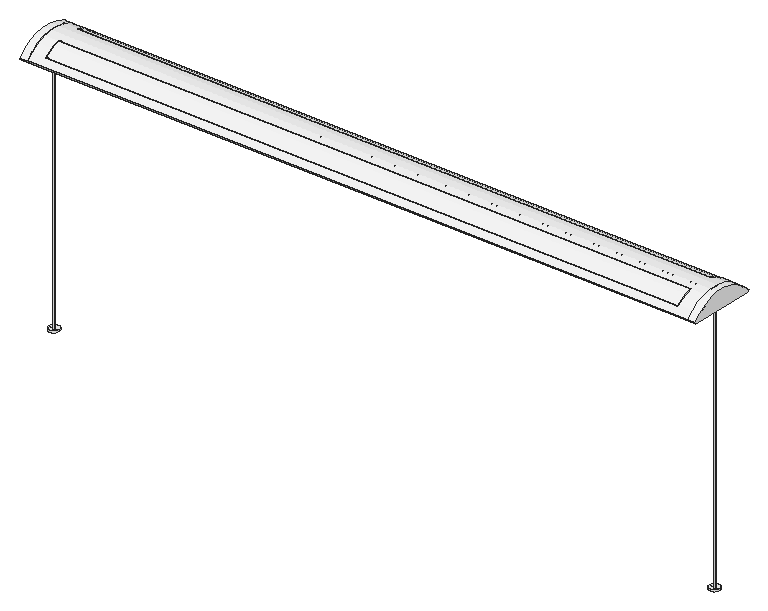
Revit family "CV-CM", category Lighting Fixtures, host Face, Revit 2014
Parameters (values of type "CV-3T8-S-E")
  Watts = 88 W
  Wattage = 88 W
  built-in parameter 1150110 = 1 (stored number, unit not read)
  Voltage = 120 V
  built-in parameter 1114217 = 1 (stored number, unit not read)
  Tilt Angle = -90.00°  # constant formula
  built-in parameter 1150109 = 1 (stored number, unit not read)
  built-in parameter 1150134 = (empty or 0)
  Suspension Height = 36"
  Wattage Comments = ""
  URL = "https://www.hubbell.com/aleralighting/en/"
  built-in parameter 1150113 = 1 (stored number, unit not read)
  Product Page URL = "https://www.hubbell.com/aleralighting/en/Products/Lighting-Controls/Commercial-Indoor-Lighting/Pendant-Lighting/CV/p/248938"
  Product Documentation Link = "https://hubbellcdn.com/specsheet/cv_solid.pdf"
  Power Factor = 1
  Photometric Web Link = "https://www.hubbell.com/aleralighting/en/Products/Lighting-Controls/Commercial-Indoor-Lighting/Pendant-Lighting/CV/p/248938"
  Photometric Web File = "CV-3T8-S-E.ies"
  Photometric Notes = "More IES files download on Photometric Web Link"  # constant formula
  Model = "CV"  # constant formula
  Manufacturer = "Alera Lighting"  # constant formula
  Row Length = 96"
  built-in parameter 1150105 = 747.9 (stored number, unit not read)
  Lumens = 2899.6 lm
  built-in parameter 1150115 = 1 (stored number, unit not read)
  Load Classification = Lighting
  built-in parameter 1150137 = (empty or 0)
  built-in parameter 1150139 = (empty or 0)
  built-in parameter 1150112 = 1 (stored number, unit not read)
  built-in parameter 1150114 = 1 (stored number, unit not read)
  Lamp = "T5, T5HO & T8"  # constant formula
  Lamp Type = "Three T8 Lamps"
  built-in parameter 1150132 = (empty or 0)
  built-in parameter 1150102 = (empty or 0)
  built-in parameter 1150107 = 3500 (stored number, unit not read)
  built-in parameter 1150138 = (empty or 0)
  built-in parameter 1150106 = 7.479 (stored number, unit not read)
  Housing Type = CV-Housing : Solid
  Glass = Hubbell - White Glass
  Emit from Rectangle Width = 7"  # constant formula
  Emit from Rectangle Length = Row Length - 2"  # 94"
  Emit Shape Visible in Rendering = no
  built-in parameter 1150104 = 3.0612 (stored number, unit not read)
  Dimming Lamp Color Temperature Shift = <None>
  Description = "Curv's narrow profile creates a sleek look that will enhance any building décor. Optional bull nose or shallow end caps offer alternative fixture appearances."  # constant formula
  Default Elevation = 48"
  Contact Us = "https://www.hubbell.com/aleralighting/en/contactUs"
  Color Filter = 16777215
  built-in parameter 1114218 = 1 (stored number, unit not read)
  Housing Material = Hubbell - White
  built-in parameter 1150133 = 10 (stored number, unit not read)
  Apparent Load = Watts / Power Factor  # 88 VA
Types (7): name | Watts | Wattage | Product Documentation Link | Photometric Web File | built-in parameter 1150105 | Lumens | Lamp Type | built-in parameter 1150106 | Housing Type | built-in parameter 1150104 | Apparent Load
  (no name) | 88 W | 88 W | "https://hubbellcdn.com/specsheet/cv_solid.pdf" | "CV-3T8-S-E.ies" | 747.9 (stored number, unit not read) | 2899.6 lm | "Three T8 Lamps" | 7.479 (stored number, unit not read) | CV-Housing : Solid | 3.0612 (stored number, unit not read) | 88 VA
  CV-1T5HO-PERF-CM-EP | 63 W | 63 W | "https://hubbellcdn.com/specsheet/cv_perf.pdf" | "CV-1T5HO-PERF-CM-EP.ies" | 350.13 (stored number, unit not read) | 4399.92 lm | "One T5HO Lamps" | 3.5013 (stored number, unit not read) | CV-Housing : Perforated | 6.4883 (stored number, unit not read) | 63 VA
  CV-1T5HO-S-EP | 61 W | 61 W | "https://hubbellcdn.com/specsheet/cv_solid.pdf" | "CV-1T5HO-S-EP.ies" | 1117 (stored number, unit not read) | 4399.93 lm | "One T5HO Lamps" | 11.17 (stored number, unit not read) | CV-Housing : Solid | 6.7011 (stored number, unit not read) | 61 VA
  CV-2T5HO-PERF-CM-EP | 118 W | 118 W | "https://hubbellcdn.com/specsheet/cv_perf.pdf" | "CV-2T5HO-PERF-CM-EP.ies" | 1394.7 (stored number, unit not read) | 4399.04 lm | "Two T5HO Lamps" | 13.947 (stored number, unit not read) | CV-Housing : Perforated | 3.4634 (stored number, unit not read) | 118 VA
  CV-2T5HO-S-EP | 118 W | 118 W | "https://hubbellcdn.com/specsheet/cv_solid.pdf" | "CV-2T5HO-S-EP.ies" | 1069.8 (stored number, unit not read) | 4399.04 lm | "Two T5HO Lamps" | 10.698 (stored number, unit not read) | CV-Housing : Solid | 3.4634 (stored number, unit not read) | 118 VA
  CV-3T5HO-PERF-CM-EP | 170 W | 170 W | "https://hubbellcdn.com/specsheet/cv_perf.pdf" | "CV-3T5HO-PERF-CM-EP.ies" | 1276.9 (stored number, unit not read) | 4399.6 lm | "Three T5HO Lamps" | 12.769 (stored number, unit not read) | CV-Housing : Perforated | 2.4043 (stored number, unit not read) | 170 VA
  CV-3T8-S-E | 88 W | 88 W | "https://hubbellcdn.com/specsheet/cv_solid.pdf" | "CV-3T8-S-E.ies" | 747.9 (stored number, unit not read) | 2899.6 lm | "Three T8 Lamps" | 7.479 (stored number, unit not read) | CV-Housing : Solid | 3.0612 (stored number, unit not read) | 88 VA
Reference planes (in)
  plane 1 "Center (Front/Back)": y = 0.03999
  plane 2: z = 0
  plane 3 "Center (Left/Right)": x = 1.66944
  plane 4: x = -46.33056
  plane 5: x = 49.66944
  plane 6: z = 36
  plane 7: x = -45.33056
  plane 8: x = 48.66944
  plane 9: z = 36.5
Forms (in)
  Revolve 1, solid, material "Hubbell - White" <- "Housing Material"
    sketch origin (0, 0.03999, 0) x (1, 0, 0) y (0, 0, 1)
      loop
        line (-45.33056, 36) -> (-45.33056, 0) -> (-44.59744, 0) -> (-44.59744, 0.15062) -> (-45.20556, 0.15062) -> (-45.20556, 35.90062) -> (-44.98741, 35.90062) -> (-44.98741, 36) -> (-45.33056, 36)
      axis (-45.33056, 36) -> (-45.33056, 0)
    angle from 0 to 360
  Revolve 2, solid, material "Hubbell - White" <- "Housing Material"
    sketch origin (0, 0.03999, 0) x (1, 0, 0) y (0, 0, 1)
      loop
        line (48.66944, 36) -> (48.66944, 0) -> (49.40256, 0) -> (49.40256, 0.15062) -> (48.79444, 0.15062) -> (48.79444, 35.90062) -> (49.01259, 35.90062) -> (49.01259, 36) -> (48.66944, 36)
      axis (48.66944, 36) -> (48.66944, 0)
    angle from 0 to 360
Dimensions and locks (in)
  equal spacing: plane 5, plane 3 "Center (Left/Right)", plane 4
  "Suspension Height": plane 6 to level
  equal spacing: plane 8, plane 3 "Center (Left/Right)", plane 7
  locked: plane 7 to plane 4 at 1
  "Row Length": plane 5 to plane 4
  locked: plane 9 to plane 6 at 0.5
  aligned and locked: plane 2 to host face
  aligned and locked: level to host face
  aligned and locked: Revolve 1 sketch curve to plane 7
  aligned and locked: Revolve 1 sketch curve to plane 6
  aligned and locked: host face to Revolve 1 sketch curve
  aligned and locked: Revolve 1 sketch curve to Revolve 1 sketch curve
  aligned and locked: Revolve 2 sketch curve to Revolve 2 sketch curve
  aligned and locked: plane 8 to Revolve 2 sketch curve
  aligned and locked: plane 1 "Center (Front/Back)" to nested 1
  aligned and locked: plane 3 "Center (Left/Right)" to nested 1
  aligned and locked: plane 9 to imposter light
  aligned and locked: imposter light to plane 1 "Center (Front/Back)"
Automatic sketch dimensions
  host sketch curve to host sketch curve = 96"  (x2)
  Revolve 1 sketch curve to plane 6 = 0.09938"
  plane 7 to Revolve 1 sketch curve = 1/8"
  Revolve 1 sketch curve to Revolve 1 sketch curve = 0.21815"
  Revolve 1 sketch curve to Revolve 1 sketch curve = 0.60812"
  Revolve 1 sketch curve to level = 8"
  Revolve 1 sketch curve to Revolve 1 sketch curve = 0.15062"
  Revolve 1 sketch curve to Revolve 1 sketch curve = 2 1/2"
  Revolve 2 sketch curve to plane 6 = 0"
  Revolve 2 sketch curve to level = 0"
  Revolve 2 sketch curve to plane 6 = 0.09938"
  Revolve 2 sketch curve to plane 8 = 1/8"
  Revolve 2 sketch curve to Revolve 2 sketch curve = 0.21815"
  Revolve 2 sketch curve to plane 5 = 0.26688"
  Revolve 2 sketch curve to Revolve 2 sketch curve = 8"
  level to Revolve 2 sketch curve = 0.15062"
  Revolve 2 sketch curve to Revolve 2 sketch curve = 2 1/2"
Nested families (in)
  nested 1: "CV-Housing" at (3.71711, 0, 36), type <- "Housing Type", Row Length <- "Row Length", type "Solid"
    with Row Length 96"
Connectors (in)
  electrical at (-45.33056, 0.03999, 0), driven by "Load Classification", driven by "Voltage", driven by "Apparent Load", driven by "Power Factor"
    settings: on Revolve 1, index 1, voltage 120 V, apparent load 88 VA, apparent load phase1 0 VA, apparent load phase2 0 VA, apparent load phase3 0 VA, power factor 1, load classification "Lighting", number of poles 1, system type 30, power factor state 1, is connector primary yes, connector utility no, sub classification motor no, connector description "Lighting Connector"
Definition of nested family "CV-Housing"
  Parameters (values of type "Solid")
    Wattage Comments = ""
    URL = ""
    Row Length [instance] = 48"
    Model = ""
    Manufacturer = ""
    Lamp = ""
    Opal Lens = Hubbell - White
    Description = ""
    Default Elevation = 48"
    Backbox = Hubbell - White
  Types (2): name | Row Length | Opal Lens
    Solid | 48" | Hubbell - White
    Perforated | 96" | Hubbell - White Glass
  Reference planes (in)
    plane 1 "Center (Front/Back)": y = 0.03999
    plane 2: z = 0
    plane 3 "Center (Left/Right)": x = -2.04767
    plane 4: x = -26.04767
    plane 5: x = 21.95233
    plane 6: x = -25.04767
    plane 7: x = 20.95233
    plane 8: y = 4.78999
    plane 9: y = -4.71001
    plane 10: z = 2.5
    plane 11: z = 2.425
    plane 12: x = -23.04767
    plane 13: x = 18.95233
  Forms (in)
    Extrusion 1, solid
      sketch origin (0, 0, 0.06357) x (1, 0, 0) y (0, 1, 0)
        loop
          line (-52.04767, 48) -> (-52.04767, -48) -> (47.95233, -48) -> (47.95233, 48) -> (-52.04767, 48)
      from -0.06357 to -6.06357
    Extrusion 2, solid, material "Hubbell - White" <- "Backbox"
      sketch origin (-2.04767, 0, 0) x (0, 1, 0) y (0, 0, 1)
        loop
          line (4.53999, 0) -> (4.78999, 0.25)
          arc (4.78999, 0.25) -> (0.03999, 2.5) -> (-4.71001, 0.25) r 6.13889
          line (-4.71001, 0.25) -> (-4.46001, 0) -> (0.03999, 0) -> (4.53999, 0)
      from 23 to 24
    Extrusion 3, solid, material "Hubbell - White" <- "Backbox"
      sketch origin (-2.04767, 0, 0) x (0, 1, 0) y (0, 0, 1)
        loop
          line (4.53999, 0) -> (4.78999, 0.25)
          arc (4.78999, 0.25) -> (0.03999, 2.5) -> (-4.71001, 0.25) r 6.13889
          line (-4.71001, 0.25) -> (-4.46001, 0) -> (4.53999, 0)
      from -24 to -23
    Extrusion 4, solid, material "Hubbell - White" <- "Backbox"
      sketch origin (-2.04767, 0, 0) x (0, 1, 0) y (0, 0, 1)
        loop
          line (4.03999, 0) -> (4.28999, 0.25) -> (4.53999, 0) -> (4.78999, 0.25)
          arc (4.78999, 0.25) -> (0.03999, 2.5) -> (-4.71001, 0.25) r 6.13889
          line (-4.71001, 0.25) -> (-4.46001, 0) -> (-4.21001, 0.25) -> (-3.96001, 0) -> (4.03999, 0)
        loop
          arc (4.72145, 0.25328) -> (0.03999, 2.44922) -> (-4.64147, 0.25328) r 6.08811
          line (-4.64147, 0.25328) -> (-4.46001, 0.07182) -> (-4.21001, 0.32182) -> (-3.93897, 0.05078) -> (4.01896, 0.05078) -> (4.28999, 0.32182) -> (4.53999, 0.07182) -> (4.72145, 0.25328)
      from -23 to 23
    Extrusion 5, void
      sketch origin (-2.04767, 0, 0) x (0, 1, 0) y (0, 0, 1)
        loop
          line (-3.97709, 1.04445) -> (-3.90334, 0.95846)
          arc (-3.90334, 0.95846) -> (-2.85143, 1.68326) -> (-1.67089, 2.17131) r 6.05686
          line (-1.67089, 2.17131) -> (-1.70289, 2.27998)
          arc (-1.70289, 2.27998) -> (-2.9055, 1.7828) -> (-3.97709, 1.04445) r 6.17014
        loop
          arc (4.05708, 1.04445) -> (2.98549, 1.7828) -> (1.78287, 2.27998) r 6.17014
          line (1.78287, 2.27998) -> (1.75087, 2.17131)
          arc (1.75087, 2.17131) -> (2.93141, 1.68326) -> (3.98332, 0.95846) r 6.05686
          line (3.98332, 0.95846) -> (4.05708, 1.04445)
      from -21 to 21
    Extrusion 6, solid, material "Hubbell - White" <- "Opal Lens"
      sketch origin (-2.04767, 0, 0) x (0, 1, 0) y (0, 0, 1)
        loop
          arc (4.03673, 1.02073) -> (2.97057, 1.75534) -> (1.77405, 2.25) r 6.13889
          line (1.77405, 2.25) -> (1.7597, 2.20129)
          arc (1.7597, 2.20129) -> (2.94633, 1.71072) -> (4.00367, 0.98218) r 6.08811
          line (4.00367, 0.98218) -> (4.03673, 1.02073)
        loop
          arc (-3.92369, 0.98218) -> (-2.86634, 1.71072) -> (-1.67972, 2.20129) r 6.08811
          line (-1.67972, 2.20129) -> (-1.69406, 2.25)
          arc (-1.69406, 2.25) -> (-2.89059, 1.75534) -> (-3.95675, 1.02073) r 6.13889
          line (-3.95675, 1.02073) -> (-3.92369, 0.98218)
      from -21 to 21
    Extrusion 7, solid, material "Hubbell - White" <- "Backbox"
      sketch origin (-2.04767, 0, 0) x (0, 1, 0) y (0, 0, 1)
        loop
          line (-0.70947, 2.40291) -> (-0.70947, 1.18697) -> (0.78946, 1.18697) -> (0.78946, 2.40291)
          arc (0.78946, 2.40291) -> (0.03999, 2.44922) -> (-0.70947, 2.40291) r 6.08811
      from -23 to 23
    Extrusion 8, void
      sketch origin (0, 0, 0) x (1, 0, 0) y (0, 1, 0)
        loop
          line (-23.04767, 2.03999) -> (-23.04767, -1.96001) -> (18.95233, -1.96001) -> (18.95233, 2.03999) -> (-23.04767, 2.03999)
      from 0 to 0.71183
  Cuts and joins
    Extrusion 5 cuts Extrusion 2
    Extrusion 5 cuts Extrusion 3
    Extrusion 5, Extrusion 8 cuts Extrusion 4
    joined: Extrusion 2, Extrusion 3, Extrusion 4
  Dimensions and locks (in)
    equal spacing: plane 5, plane 3 "Center (Left/Right)", plane 4
    plane 6 to plane 4 = 1"
    equal spacing: plane 8, plane 1 "Center (Front/Back)", plane 9
    locked: plane 8 to plane 9 at 9.5
    locked: plane 10 to Extrusion 1 at 2.5
    "Row Length": plane 5 to plane 4
    locked: plane 10 to plane 11 at 0.075
    equal spacing: plane 7, plane 3 "Center (Left/Right)", plane 6
    locked: plane 6 to plane 12 at 2
    Extrusion 1 sketch curve to plane 3 "Center (Left/Right)" to Extrusion 1 sketch curve = 50", 50"
    locked: Extrusion 4 sketch curve to Extrusion 4 sketch curve at 0.38383  (x2)
    locked: plane 13 to plane 7 at 2
    locked: Extrusion 7 sketch curve to Extrusion 7 sketch curve at 1.49893
    equal spacing: Extrusion 8 sketch curve, plane 1 "Center (Front/Back)", Extrusion 8 sketch curve, locked at 2 each
    aligned and locked: plane 2 to Extrusion 1
    aligned and locked: level to Extrusion 1
    aligned and locked: plane 5 to Extrusion 2
    aligned and locked: Extrusion 2 to plane 7
    aligned and locked: Extrusion 3 to plane 4
    aligned and locked: plane 6 to Extrusion 3
    aligned and locked: Extrusion 4 to plane 6
    aligned and locked: plane 7 to Extrusion 4
    aligned and locked: Extrusion 1 to Extrusion 4 sketch curve
    aligned and locked: cut or joined group of Extrusion 2, Extrusion 3, Extrusion 4, Extrusion 5, Extrusion 8 to plane 12
    aligned and locked: plane 13 to cut or joined group of Extrusion 2, Extrusion 3, Extrusion 4, Extrusion 5, Extrusion 8
    aligned and locked: Extrusion 6 sketch curve to cut or joined group of Extrusion 2, Extrusion 3, Extrusion 4, Extrusion 5, Extrusion 8  (x4)
    aligned and locked: Extrusion 6 to plane 12
    aligned and locked: plane 13 to Extrusion 6
    aligned and locked: Extrusion 1 to Extrusion 2 sketch curve
    aligned and locked: Extrusion 3 sketch curve to Extrusion 1
    aligned and locked: Extrusion 7 sketch curve to cut or joined group of Extrusion 2, Extrusion 3, Extrusion 4, Extrusion 5, Extrusion 8
    aligned and locked: plane 6 to cut or joined group of Extrusion 2, Extrusion 3, Extrusion 4, Extrusion 5, Extrusion 8
    aligned and locked: cut or joined group of Extrusion 2, Extrusion 3, Extrusion 4, Extrusion 5, Extrusion 8 to plane 7
    aligned and locked: plane 7 to Extrusion 7
    aligned and locked: Extrusion 7 to plane 6
    aligned and locked: Extrusion 8 sketch curve to plane 13
    aligned and locked: plane 12 to Extrusion 8 sketch curve
  Automatic sketch dimensions
    Extrusion 1 sketch curve to Extrusion 1 sketch curve = 96"
    Extrusion 2 sketch curve to plane 1 "Center (Front/Back)" = 0"  (x2)
    Extrusion 2 sketch curve to plane 9 = 1/4"
    plane 8 to Extrusion 2 sketch curve = 1/4"
    Extrusion 4 sketch curve to plane 9 = 0"
    Extrusion 4 sketch curve to level = 0"  (x2)
    Extrusion 4 sketch curve to plane 1 "Center (Front/Back)" = 0"
    Extrusion 4 sketch curve to plane 8 = 0"
    Extrusion 4 sketch curve to Extrusion 4 sketch curve = 1/4"
    Extrusion 4 sketch curve to Extrusion 4 sketch curve = 0"  (x6)
    Extrusion 4 sketch curve to Extrusion 4 sketch curve = 0.00328"  (x2)
    level to Extrusion 4 sketch curve = 0.32182"
    Extrusion 4 sketch curve to Extrusion 4 sketch curve = 0.02103"  (x2)
    level to Extrusion 4 sketch curve = 0.07182"
    Extrusion 4 sketch curve to Extrusion 4 sketch curve = 0.06854"
    level to Extrusion 4 sketch curve = 13/256"
    Extrusion 4 sketch curve to Extrusion 4 sketch curve = 0.18146"
    Extrusion 4 sketch curve to Extrusion 4 sketch curve = 0.52103"
    Extrusion 5 sketch curve to plane 9 = 0.73291"
    Extrusion 5 sketch curve to Extrusion 5 sketch curve = 0.032"  (x2)
    Extrusion 5 sketch curve to Extrusion 5 sketch curve = 0.07375"  (x2)
    level to Extrusion 5 sketch curve = 1.04445"  (x2)
    Extrusion 5 sketch curve to Extrusion 5 sketch curve = 0"  (x12)
    Extrusion 5 sketch curve to Extrusion 5 sketch curve = 0.08598"  (x2)
    Extrusion 5 sketch curve to plane 1 "Center (Front/Back)" = 0"
    plane 1 "Center (Front/Back)" to Extrusion 5 sketch curve = 1.74288"
    Extrusion 5 sketch curve to plane 1 "Center (Front/Back)" = 1.71088"
    plane 8 to Extrusion 5 sketch curve = 0.80667"
    Extrusion 6 sketch curve to Extrusion 6 sketch curve = 0"  (x12)
    Extrusion 6 sketch curve to plane 1 "Center (Front/Back)" = 0"
    plane 8 to Extrusion 6 sketch curve = 0.75326"
    Extrusion 6 sketch curve to Extrusion 6 sketch curve = 0.03306"  (x2)
    plane 9 to Extrusion 2 sketch curve = 0"
    Extrusion 2 sketch curve to plane 8 = 0"
    Extrusion 2 sketch curve to level = 3.63889"
    level to Extrusion 2 sketch curve = 1/4"
    Extrusion 3 sketch curve to plane 9 = 0"
    Extrusion 3 sketch curve to plane 1 "Center (Front/Back)" = 0"
    Extrusion 3 sketch curve to plane 8 = 0"
    Extrusion 3 sketch curve to plane 9 = 1/4"
    plane 8 to Extrusion 3 sketch curve = 1/4"
    Extrusion 3 sketch curve to level = 3.63889"
    level to Extrusion 3 sketch curve = 1/4"
    Extrusion 5 sketch curve to level = 3.63889"
    Extrusion 6 sketch curve to plane 11 = 0.22371"
    level to Extrusion 6 sketch curve = 0.98218"
    plane 1 "Center (Front/Back)" to Extrusion 8 sketch curve = 2"
    plane 1 "Center (Front/Back)" to Extrusion 7 sketch curve = 0.74946"
    level to Extrusion 7 sketch curve = 1.18697"
